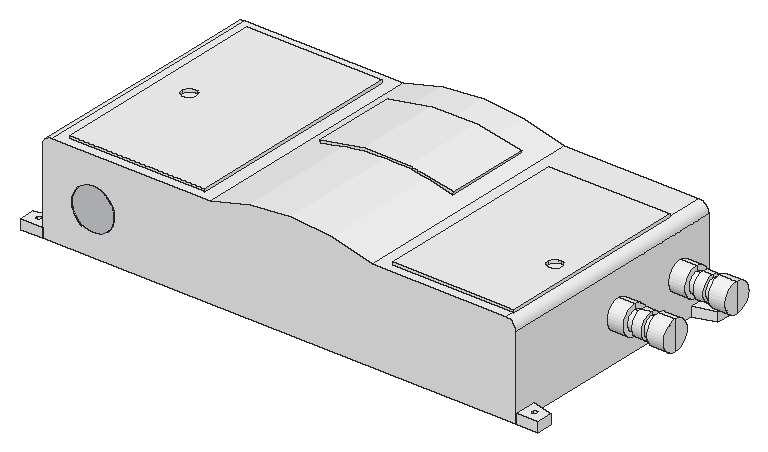
Revit family "CMI 12L-120", category Plumbing Fixtures, host Face, Revit 2018
Family settings
  Host = Face
  Round Connector Dimension = Use Diameter
  Part Type = Normal
  OmniClass Number = 23.65.35.11.14
  OmniClass Title = Instantaneous Water Heaters
  Cut with Voids When Loaded = No
  Shared = Yes
  Room Calculation Point = No
Parameters (values of type "CMI-12L/120")
  Width = 2 3/4"  # constant formula
  Waste Connection = no
  WFU = 0
  Vent Connection = no
  URL = "www.chronomite.com"
  Type Comments = ""
  Temperature Rise @ 2 GPM = 0 °F
  Temperature Rise @ 1.5 GPM = 0 °F
  Temperature Rise @ 1 GPM = 0 °F
  Temperature Rise @ 0.5 GPM = 20 °F
  Temperature Rise @ 0.35 GPM = 28 °F
  Shipping Weight = "5 lbs."  # constant formula
  Product Page URL = "https://www.chronomite.com/compliant-mix-heater"
  Product Documentation Link = "https://www.chronomite.com/uploads/fileLibrary/IFCMI-LF-Instant-Flow-C-Micro-Mix-Electric-Tankless-Low-Activation.pdf"
  Price = "Prices may vary. Please consult Manufacturer Representative for most up-to-date price list."  # constant formula
  Pressure & Temp Relief Valve Assembly (TP) = no
  Power = 1440 W
  Model = "CMI-12L/120"
  Minimum Operating Pressure = "25 PSI"  # constant formula
  Minimum Flow Rate = 0.2 GPM  # constant formula
  Maximum Water Temperature = "104°/110°F"  # constant formula
  Maximum Pressure = "150 PSI"  # constant formula
  Maximum Operating Pressure = "80PSI"  # constant formula
  Maximum Ambient Operating Temperature = "104°/110°F"  # constant formula
  Manufacturer = "Chronomite"  # constant formula
  Length = 12 7/8"  # constant formula
  Installation Type = "Wall Mounted"  # constant formula
  IAPMO Compliance = "ASSE 1069, CSA B125.3-12 and ASSE 1070 compliancy "  # constant formula
  Housing Description = "Vandal resistant rugged cast aluminum housing"  # constant formula
  Hot Water Connection Radius = 3/8"  # constant formula
  Hot Water Connection Diameter = Hot Water Connection Radius * 2  # 3/4"
  Height = 6 1/4"  # constant formula
  HWFU = 0
  HW Connection = no
  Flow Activation = "0.20 GPM (0.75 LPM)"  # constant formula
  Electrical Junction Supply Box = no
  Electrical Current = 12 A
  Electric Potential = 120 V
  Disconnect Switch, Rotary 40A - LockablemNema 4X (2095-1) = no
  Description = "Low-Activation Electric Tankless Water Heater"  # constant formula
  Default Elevation = 0"
  Creation Date = "02/03/2021"  # constant formula
  Country = "U.S.A."  # constant formula
  Cold Water Connection Radius = 3/8"  # constant formula
  Cold Water Connection Diameter = Cold Water Connection Radius * 2  # 3/4"
  CWFU = 0
  CW Connection = no
  Body Material = Plastic-Chronomite-Celcon
  Assembly Code = "D2020200"
  ADA Compliant = yes
  90°C Wire = "14 AWG"
  1/2" Ø Male NPT (NPT08) = no
Types (20): name | Temperature Rise @ 2 GPM | Temperature Rise @ 1.5 GPM | Temperature Rise @ 1 GPM | Temperature Rise @ 0.5 GPM | Temperature Rise @ 0.35 GPM | Power | Model | Electrical Current | Electric Potential | 90°C Wire
  (no name) | 0 °F | 0 °F | 0 °F | 20 °F | 28 °F | 1440 W | "CMI-12L/120" | 12 A | 120 V | "14 AWG"
  CMI-12L/120 | 0 °F | 0 °F | 0 °F | 20 °F | 28 °F | 1440 W | "CMI-12L/120" | 12 A | 120 V | "14 AWG"
  CMI-12L/208 | 0 °F | 0 °F | 0 °F | 34 °F | 49 °F | 2500 W | "CMI-12L/208" | 12 A | 208 V | "14 AWG"
  CMI-12L/240 | 0 °F | 0 °F | 20 °F | 39 °F | 56 °F | 2880 W | "CMI-12L/240" | 12 A | 240 V | "14 AWG"
  CMI-12L/277 | 0 °F | 0 °F | 23 °F | 45 °F | 65 °F | 3320 W | "CMI-12L/277" | 12 A | 277 V | "14 AWG"
  CMI-15L/120 | 0 °F | 0 °F | 0 °F | 25 °F | 35 °F | 1800 W | "CMI-15L/120" | 15 A | 120 V | "14 AWG"
  CMI-15L/208 | 0 °F | 0 °F | 21 °F | 43 °F | 61 °F | 3120 W | "CMI-15L/208" | 15 A | 208 V | "14 AWG"
  CMI-15L/240 | 0 °F | 0 °F | 25 °F | 49 °F | 70 °F | 3600 W | "CMI-15L/240" | 15 A | 240 V | "14 AWG"
  CMI-15L/277 | 0 °F | 0 °F | 28 °F | 57 °F | 70 °F | 4150 W | "CMI-15L/277" | 15 A | 277 V | "14 AWG"
  CMI-20L/120 | 0 °F | 0 °F | 0 °F | 33 °F | 47 °F | 2400 W | "CMI-20L/120" | 20 A | 120 V | "12 AWG"
  CMI-20L/208 | 0 °F | 0 °F | 28 °F | 57 °F | 70 °F | 4160 W | "CMI-20L/208" | 20 A | 208 V | "12 AWG"
  CMI-20L/240 | 0 °F | 22 °F | 33 °F | 66 °F | 70 °F | 4800 W | "CMI-20L/240" | 20 A | 240 V | "12 AWG"
  CMI-20L/277 | 0 °F | 25 °F | 38 °F | 70 °F | 70 °F | 5540 W | "CMI-20L/277" | 20 A | 277 V | "12 AWG"
  CMI-30L/120 | 0 °F | 16 °F | 25 °F | 49 °F | 70 °F | 3600 W | "CMI-30L/120" | 30 A | 120 V | "10 AWG"
  CMI-30L/208 | 21 °F | 28 °F | 43 °F | 70 °F | 70 °F | 6240 W | "CMI-30L/208" | 30 A | 208 V | "10 AWG"
  CMI-30L/240 | 25 °F | 33 °F | 49 °F | 70 °F | 70 °F | 7200 W | "CMI-30L/240" | 30 A | 240 V | "10 AWG"
  CMI-30L/277 | 28 °F | 38 °F | 57 °F | 70 °F | 70 °F | 8310 W | "CMI-30L/277" | 30 A | 277 V | "10 AWG"
  CMI-40L/208 | 28 °F | 38 °F | 57 °F | 70 °F | 70 °F | 8320 W | "CMI-40L/208" | 40 A | 208 V | "8 AWG"
  CMI-40L/240 | 33 °F | 44 °F | 66 °F | 70 °F | 70 °F | 9600 W | "CMI-40L/240" | 40 A | 240 V | "8 AWG"
  CMI-40L/277 | 38 °F | 50 °F | 70 °F | 70 °F | 70 °F | 11080 W | "CMI-40L/277" | 40 A | 277 V | "8 AWG"
Reference planes (in)
  plane 1 "Center (Front/Back)": y = 0
  plane 2: z = 0
  plane 3 "Center (Left/Right)": x = 0
  plane 4: x = -6.71875
  plane 5: x = 6.71875
  plane 6: y = 3.125
  plane 7: y = -3.125
  plane 8: z = 2.75
  plane 9: z = 1.125
  plane 10: x = -6.4375
  plane 11: x = 6.4375
  plane 12: y = -2.875
  plane 13: y = 2.875
  plane 14: y = 0.1875
  plane 15: y = 2.1875
  plane 16: x = -4.83337
  plane 17: x = -6.14587
  plane 18: z = 0.25
Forms (in)
  Extrusion 1, solid, material "Plastic-Chronomite-Celcon" <- "Body Material"
    sketch origin (-13.26672, 6.91946, 0) x (1, 0, 0) y (0, 0, -1)
      loop
        line (19.4126, 0) -> (7.12085, 0) -> (7.12085, -2.14763)
        arc (7.12085, -2.14763) -> (7.19407, -2.32441) -> (7.37085, -2.39763) r 0.25
        line (7.37085, -2.39763) -> (11.47633, -2.39763)
        arc (11.47633, -2.39763) -> (13.56947, -2.75007) -> (15.6626, -2.39763) r 6.39173
        line (15.6626, -2.39763) -> (19.1626, -2.39763)
        arc (19.1626, -2.39763) -> (19.33938, -2.32441) -> (19.4126, -2.14763) r 0.25
        line (19.4126, -2.14763) -> (19.4126, 0)
      loop
        circle (8.43335, -1.125) r 0.54688
    from -10.04446 to -3.79446
  Revolve 2, solid, material "Plastic-Chronomite-Celcon" <- "Body Material"
    sketch origin (13.53702, 0.1875, 0) x (-1, 0, 0) y (0, 0, 1)
      loop
        line (7.39114, 1.125) -> (7.39114, 1.49589) -> (6.94733, 1.49589) -> (6.94733, 1.37968) -> (6.76534, 1.37968) -> (6.76534, 1.44967) -> (6.51534, 1.44967) -> (6.51534, 1.38379) -> (6.3407, 1.38379) -> (6.3407, 1.5) -> (5.90439, 1.5) -> (5.90439, 1.125) -> (7.39114, 1.125)
      axis (5.90439, 1.125) -> (7.39114, 1.125)
    angle from 0 to 360
  Revolve 3, solid, material "Plastic-Chronomite-Celcon" <- "Body Material"
    sketch origin (13.53702, 2.1875, 0) x (-1, 0, 0) y (0, 0, 1)
      loop
        line (7.39114, 1.125) -> (7.39114, 1.49589) -> (6.94733, 1.49589) -> (6.94733, 1.37968) -> (6.76534, 1.37968) -> (6.76534, 1.44967) -> (6.51534, 1.44967) -> (6.51534, 1.38379) -> (6.3407, 1.38379) -> (6.3407, 1.5) -> (5.90439, 1.5) -> (5.90439, 1.125) -> (7.39114, 1.125)
      axis (5.90439, 1.125) -> (7.39114, 1.125)
    angle from 0 to 360
  Extrusion 4, solid, material "Plastic-Chronomite-Celcon" <- "Body Material"
    sketch origin (-13.26672, 3.125, 0) x (1, 0, 0) y (0, 0, -1)
      loop
        arc (15.28964, -2.51425) -> (13.56947, -2.75007) -> (11.84929, -2.51425) r 6.39173
        line (11.84929, -2.51425) -> (11.83247, -2.57445)
        arc (11.83247, -2.57445) -> (13.56947, -2.81257) -> (15.30646, -2.57445) r 6.45423
        line (15.30646, -2.57445) -> (15.28964, -2.51425)
    from -3.125 to -0.9375
  Extrusion 5, solid, material "Plastic-Chronomite-Celcon" <- "Body Material"
    sketch origin (0, 0, 0) x (1, 0, 0) y (0, 1, 0)
      loop
        line (6.14587, 3.125) -> (6.14587, 2.55839) -> (6.71875, 2.71189) -> (6.71875, 3.125) -> (6.14587, 3.125)
      loop
        circle (6.4375, 2.875) r 0.06152
    from 0 to 0.25
  Extrusion 6, solid, material "Plastic-Chronomite-Celcon" <- "Body Material"
    sketch origin (0, 0, 0) x (1, 0, 0) y (0, 1, 0)
      loop
        line (6.14587, -3.125) -> (6.71875, -3.125) -> (6.71875, -2.71189) -> (6.14587, -2.55839) -> (6.14587, -3.125)
      loop
        circle (6.4375, -2.875) r 0.0625
    from 0 to 0.25
  Extrusion 7, solid, material "Plastic-Chronomite-Celcon" <- "Body Material"
    sketch origin (0, 0, 0) x (-1, 0, 0) y (0, -1, 0)
      loop
        line (6.14587, 3.125) -> (6.14587, 2.55839) -> (6.71875, 2.71189) -> (6.71875, 3.125) -> (6.14587, 3.125)
      loop
        circle (6.4375, 2.875) r 0.0625
    from 0 to 0.25
  Extrusion 8, solid, material "Plastic-Chronomite-Celcon" <- "Body Material"
    sketch origin (0, 0, 0) x (-1, 0, 0) y (0, -1, 0)
      loop
        line (6.14587, -3.125) -> (6.71875, -3.125) -> (6.71875, -2.71189) -> (6.14587, -2.55839) -> (6.14587, -3.125)
      loop
        circle (6.4375, -2.875) r 0.0625
    from 0 to 0.25
  Extrusion 9, solid, material "Plastic-Chronomite-Celcon" <- "Body Material"
    sketch origin (0, 0, 0) x (1, 0, 0) y (0, 1, 0)
      loop
        line (-5.64328, 2.875) -> (-5.64328, -2.875) -> (-2.12421, -2.875) -> (-2.12421, 2.875) -> (-5.64328, 2.875)
      loop
        circle (-4.83337, 0) r 0.1875
    from 0 to 2.45533
  Extrusion 10, solid, material "Plastic-Chronomite-Celcon" <- "Body Material"
    sketch origin (0, 0, 0) x (1, 0, 0) y (0, 1, 0)
      loop
        line (2.75181, 2.1875) -> (2.75181, -2.875) -> (5.89587, -2.875) -> (5.89587, 2.1875) -> (2.75181, 2.1875)
      loop
        circle (5.37762, -0.89335) r 0.1875
    from 0 to 2.45533
  Extrusion 11, solid
    sketch origin (0, 0, 0) x (1, 0, 0) y (0, 0, 1)
      loop
        circle (-4.83337, 1.125) r 0.54688
    from 0 to 3.125
  Extrusion 12, solid, material "Plastic-Chronomite-Celcon" <- "Body Material"
    sketch origin (0, 0, 0) x (1, 0, 0) y (0, 0, 1)
      loop
        circle (-4.83337, 1.125) r 0.59
    from -3.125 to -2.875
Cuts and joins
  joined: Extrusion 1, Extrusion 12
Lines and regions (in)
  Masking region 1
    outline origin (-13.26672, -3.125, 0) x (1, 0, 0) y (0, 0, -1)
      loop
        line (7.12085, 0) -> (7.12085, -2.14763)
        arc (7.12085, -2.14763) -> (7.19407, -2.32441) -> (7.37085, -2.39763) r 0.25
        line (7.37085, -2.39763) -> (11.47633, -2.39763)
        arc (11.47633, -2.39763) -> (13.56947, -2.75007) -> (15.6626, -2.39763) r 6.39173
        line (15.6626, -2.39763) -> (19.1626, -2.39763)
        arc (19.1626, -2.39763) -> (19.33938, -2.32441) -> (19.4126, -2.14763) r 0.25
        line (19.4126, -2.14763) -> (19.4126, -1.49589) -> (19.85641, -1.49589) -> (19.85641, -1.37968) -> (20.0384, -1.37968) -> (20.0384, -1.44967) -> (20.2884, -1.44967) -> (20.2884, -1.38379) -> (20.46304, -1.38379) -> (20.46304, -1.49589) -> (20.89935, -1.49589) -> (20.89935, -0.75411) -> (20.46304, -0.75411) -> (20.46304, -0.86621) -> (20.2884, -0.86621) -> (20.2884, -0.80033) -> (20.0384, -0.80033) -> (20.0384, -0.87032) -> (19.85641, -0.87032) -> (19.85641, -0.75411) -> (19.4126, -0.75411) -> (19.4126, 0) -> (7.12085, 0)
  symbolic lines, detail levels medium+fine
    curve 1: circle (-4.83337, -2.875, 1.125) r 0.54688 normal (0, -1, 0)
Dimensions and locks (in)
  equal spacing: plane 4, plane 3 "Center (Left/Right)", plane 5
  equal spacing: plane 6, plane 1 "Center (Front/Back)", plane 7
  host face to plane 9 = 1 1/8"
  plane 5 to plane 4 = 13 7/16"
  plane 11 to plane 10 = 12 7/8"
  locked: plane 6 to plane 13 at 0.25
  locked: plane 12 to plane 7 at 0.25
  plane 14 to plane 7 = 3 5/16"
  Revolve 2 sketch curve to Revolve 2 sketch curve to Revolve 2 sketch curve to Revolve 2 sketch curve to Revolve 2 sketch curve to Revolve 2 sketch curve = 0.43631" locked, 0.17464" locked, 1/4" locked, 0.18199" locked, 0.44381" locked
  Revolve 3 sketch curve to Revolve 3 sketch curve to Revolve 3 sketch curve to Revolve 3 sketch curve to Revolve 3 sketch curve to Revolve 3 sketch curve = 0.43631" locked, 0.17464" locked, 1/4" locked, 0.18199" locked, 0.44381" locked
  plane 15 to plane 14 = 2"
  "Height": plane 6 to plane 7
  "Width": host face to plane 8
  plane 13 to plane 12 = 5 3/4"  (x2)
  locked: Extrusion 4 sketch curve to Extrusion 4 sketch curve at 0.0625
  plane 17 to plane 16 = 1 5/16"  (x2)
  plane 2 to plane 18 to plane 9 = 1/4", 7/8"
  "Length": plane 10 to plane 11
  "Hot Water Connection Radius": Revolve 3 sketch curve to Revolve 3 sketch curve
  "Hot Water Connection Radius": Revolve 2 sketch curve to Revolve 2 sketch curve
  Extrusion 1 to Extrusion 1 = 6 1/4"
  plane 8 to host face = 2 3/4"
  plane 6 to plane 13 = 1/4"
  plane 4 to plane 10 = 9/32"
  plane 14 to Extrusion 1 = 3 5/16"
  plane 14 to plane 15 = 2"
  plane 9 to host face = 1 1/8"
  aligned and locked: plane 2 to host face
  aligned and locked: level to host face
  aligned and locked: Extrusion 1 to plane 7
  aligned and locked: plane 6 to Extrusion 1
  aligned and locked: plane 14 to Revolve 2
  aligned and locked: plane 15 to Revolve 3
  aligned and locked: Extrusion 4 sketch curve to Extrusion 1
  aligned and locked: plane 1 "Center (Front/Back)" to Extrusion 4
  aligned and locked: Extrusion 4 to plane 15
  aligned and locked: plane 16 to Extrusion 1 sketch curve
  aligned and locked: plane 9 to Extrusion 1 sketch curve
  aligned and locked: Extrusion 5 sketch curve to plane 6
  aligned and locked: Extrusion 5 sketch curve to plane 5
  aligned and locked: Extrusion 1 to Extrusion 5 sketch curve
  aligned and locked: plane 18 to Extrusion 5
  aligned and locked: plane 5 to Extrusion 6 sketch curve
  aligned and locked: Extrusion 6 sketch curve to plane 7
  aligned and locked: Extrusion 6 sketch curve to Extrusion 1
  aligned and locked: plane 18 to Extrusion 6
  aligned and locked: plane 5 to Extrusion 6
  aligned and locked: Extrusion 6 to host face
  aligned and locked: Extrusion 6 to Extrusion 1
  aligned and locked: plane 18 to Extrusion 7
  aligned and locked: plane 4 to Extrusion 7 sketch curve
  aligned and locked: plane 7 to Extrusion 7 sketch curve
  aligned and locked: plane 17 to Extrusion 7 sketch curve
  aligned and locked: plane 18 to Extrusion 8
  aligned and locked: plane 6 to Extrusion 8 sketch curve
  aligned and locked: Extrusion 8 sketch curve to plane 17
  aligned and locked: Extrusion 8 sketch curve to plane 4
  aligned and locked: plane 13 to Extrusion 5 sketch curve
  aligned and locked: plane 12 to Extrusion 6 sketch curve
  aligned and locked: plane 13 to Extrusion 8 sketch curve
  aligned and locked: plane 12 to Extrusion 7 sketch curve
  aligned and locked: plane 13 to Extrusion 9
  aligned and locked: Extrusion 9 to plane 12
  aligned and locked: Extrusion 10 to level
  aligned and locked: Extrusion 9 to level
  aligned and locked: Extrusion 9 to Extrusion 10
  aligned and locked: plane 10 to Extrusion 8 sketch curve
  aligned and locked: plane 10 to Extrusion 7 sketch curve
  aligned and locked: Masking region 1 sketch curve to Extrusion 1  (x5)
  aligned and locked: host face to Masking region 1 sketch curve
  aligned and locked: Revolve 2 to Masking region 1 sketch curve
  aligned and locked: curve 1 to Extrusion 1
  aligned and locked: plane 11 to Extrusion 5 sketch curve
Automatic sketch dimensions
  host sketch curve to host sketch curve = 19.71969"
  host sketch curve to host sketch curve = 10.79514"
  plane 17 to Extrusion 1 sketch curve = 0"
  Extrusion 1 sketch curve to level = 0"
  Extrusion 1 sketch curve to plane 17 = 1/4"
  Extrusion 1 sketch curve to plane 8 = 0.35237"  (x2)
  Extrusion 1 sketch curve to plane 3 "Center (Left/Right)" = 1.79039"
  plane 3 "Center (Left/Right)" to Extrusion 1 sketch curve = 0.30274"
  Extrusion 1 sketch curve to plane 11 = 0.54163"
  Extrusion 1 sketch curve to Extrusion 1 sketch curve = 1/4"
  Extrusion 1 sketch curve to level = 3.64166"
  Revolve 2 sketch curve to plane 9 = 0"  (x2)
  plane 5 to Revolve 2 sketch curve = 0.91387"
  plane 9 to Revolve 2 sketch curve = 0.25468"
  Revolve 2 sketch curve to Revolve 2 sketch curve = 0.07"
  Revolve 2 sketch curve to Revolve 2 sketch curve = 0.11621"
  plane 9 to Revolve 2 sketch curve = 0.37089"
  Revolve 2 sketch curve to Revolve 2 sketch curve = 1.35642"
  Revolve 2 sketch curve to plane 11 = 0.02133"
  Revolve 3 sketch curve to plane 9 = 0"  (x2)
  plane 5 to Revolve 3 sketch curve = 0.91387"
  plane 9 to Revolve 3 sketch curve = 0.25468"
  Revolve 3 sketch curve to Revolve 3 sketch curve = 0.07"
  Revolve 3 sketch curve to Revolve 3 sketch curve = 0.11621"
  plane 9 to Revolve 3 sketch curve = 0.37089"
  Revolve 3 sketch curve to Revolve 3 sketch curve = 1.35642"
  Revolve 3 sketch curve to plane 11 = 0.02133"
  Extrusion 4 sketch curve to Extrusion 4 sketch curve = 0"  (x2)
  Extrusion 1 to Extrusion 4 sketch curve = 0.11662"  (x2)
  Extrusion 1 to Extrusion 4 sketch curve = 0.17681"  (x2)
  Extrusion 5 sketch curve to plane 13 = 0.16311"
  Extrusion 5 sketch curve to plane 13 = 0.31661"
  Extrusion 6 sketch curve to plane 12 = 0.16311"
  Extrusion 6 sketch curve to plane 12 = 0.31661"
  plane 13 to Extrusion 8 sketch curve = 0.16311"
  plane 13 to Extrusion 8 sketch curve = 0.31661"
  plane 12 to Extrusion 7 sketch curve = 0.16311"
  plane 12 to Extrusion 7 sketch curve = 0.31661"
  Extrusion 9 sketch curve to plane 12 = 0"
  Extrusion 9 sketch curve to plane 13 = 0"
  plane 1 "Center (Front/Back)" to Extrusion 9 sketch curve = 0"
  Extrusion 9 sketch curve to plane 16 = 0"
  Extrusion 9 sketch curve to plane 17 = 0.5026"
  Extrusion 9 sketch curve to plane 3 "Center (Left/Right)" = 2.12421"
  plane 1 "Center (Front/Back)" to Extrusion 10 sketch curve = 0.89335"
  plane 16 to Extrusion 10 sketch curve = 10.211"
  Extrusion 10 sketch curve to plane 12 = 0"
  plane 15 to Extrusion 10 sketch curve = 0"
  plane 3 "Center (Left/Right)" to Extrusion 10 sketch curve = 2.75181"
  plane 11 to Extrusion 6 sketch curve = 0"
  Extrusion 10 sketch curve to plane 11 = 0.54163"
  Masking region 1 sketch curve to Extrusion 1 = 0.44381"  (x2)
  Masking region 1 sketch curve to Masking region 1 sketch curve = 0.18199"  (x2)
  Masking region 1 sketch curve to Masking region 1 sketch curve = 1/4"  (x2)
  Masking region 1 sketch curve to Masking region 1 sketch curve = 0.17464"  (x2)
  Extrusion 1 to Masking region 1 sketch curve = 0.90174"
  Masking region 1 sketch curve to Masking region 1 sketch curve = 0"
  Masking region 1 sketch curve to Masking region 1 sketch curve = 0.04622"
  Masking region 1 sketch curve to Masking region 1 sketch curve = 0.06589"
  Masking region 1 sketch curve to Masking region 1 sketch curve = 0.11621"  (x2)
  Masking region 1 sketch curve to Masking region 1 sketch curve = 0.50935"
  Masking region 1 sketch curve to Masking region 1 sketch curve = 0.00411"
  Masking region 1 sketch curve to Masking region 1 sketch curve = 0.07"
  Masking region 1 sketch curve to Masking region 1 sketch curve = 0.1121"
  Extrusion 1 to Masking region 1 sketch curve = 0"
  Extrusion 11 sketch curve to plane 9 = 0"
  Extrusion 11 sketch curve to plane 16 = 0"
  Extrusion 12 sketch curve to plane 9 = 0"
  Extrusion 12 sketch curve to plane 16 = 0"
  radius of Extrusion 1 sketch curve = 35/64"
  radius of Extrusion 5 sketch curve = 0.06152"
  radius of Extrusion 6 sketch curve = 1/16"
  radius of Extrusion 8 sketch curve = 1/16"
  radius of Extrusion 7 sketch curve = 1/16"
  radius of Extrusion 9 sketch curve = 3/16"
  radius of Extrusion 10 sketch curve = 3/16"
  radius of Extrusion 11 sketch curve = 35/64"
  radius of Extrusion 12 sketch curve = 0.59"
Connectors (in)
  piping at (7.63262, 2.1875, 1.125), diameter 0.75, driven by "Hot Water Connection Diameter"
    settings: on Revolve 3, index 1, connector inside diameter 24", connector length 0", flow factor 0, pipe flow 0.2 GPM, pressure drop 0.00 psi, fitting loss kfactor 0, connector angle 0.00°, fixture units 0, engagement length 0", angle of deflection 0.00°, flow configuration 0, flow direction 2, fitting loss method 0, system type 19, joint type 0, gender type 0, connector reference index -1, connector utility 0, adjustable connector no, is connector primary yes, connector description "3/8” Hot Water Outlet Connection"
  piping at (7.63262, 0.1875, 1.125), diameter 0.75, driven by "Cold Water Connection Diameter"
    settings: on Revolve 2, index 2, connector inside diameter 24", connector length 0", flow factor 0, pipe flow 0.2 GPM, pressure drop 0.00 psi, fitting loss kfactor 0, connector angle 0.00°, fixture units 0, engagement length 0", angle of deflection 0.00°, flow configuration 0, flow direction 1, fitting loss method 0, system type 29, joint type 0, gender type 0, connector reference index -1, connector utility 0, adjustable connector no, is connector primary no, connector description "3/8” Cold Water Inlet Connection"
  electrical at (-4.83337, -3.125, 1.125), driven by "Electric Potential", driven by "Power"
    settings: on Extrusion 1, index 3, voltage 120 V, apparent load 1440 VA, apparent load phase1 0 VA, apparent load phase2 0 VA, apparent load phase3 0 VA, power factor 1, load classification "Other", number of poles 1, system type 30, power factor state 1, is connector primary yes, connector utility no, sub classification motor no, connector description "1 3/32\"Ø Electrical Supply Conduit"
